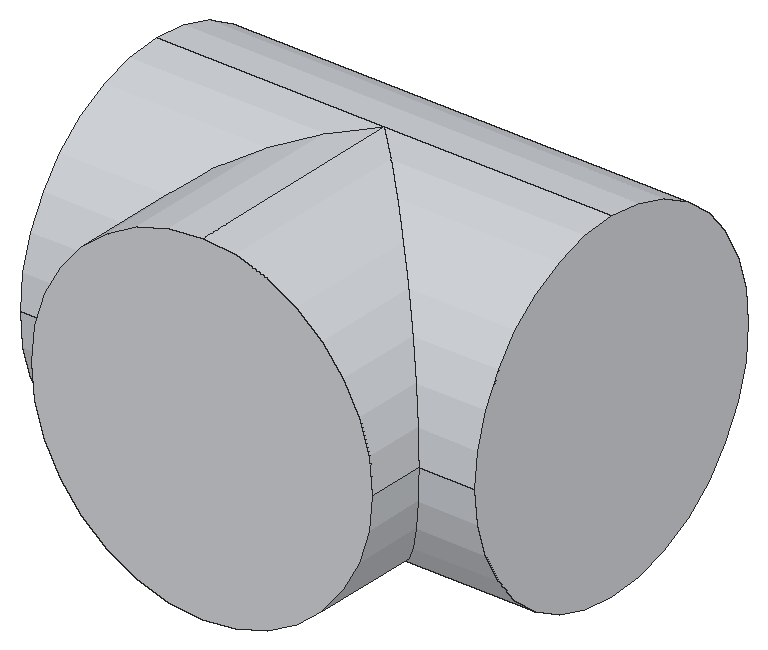
Revit family "81accec60b7841da96df8c5879bd33ad", category Duct Fittings, Revit 2021
Family settings
  Round Connector Dimension = Use Radius
  Part Type = Tee
  OmniClass Number = 23.75.70.14
  OmniClass Title = Air Ductwork
  Seek Item ID = Round Tee - Straight-0000-USA-ENU
  Work Plane-Based = No
  Always vertical = Yes
  Cut with Voids When Loaded = No
  Shared = No
Parameters (values of type "Standard")
  Duct Radius [instance] = 6"
  Duct Length [instance] = Duct Radius + Shoulder  # 8"
  Duct Diameter [instance] = 2 * Duct Radius  # 12"
  Shoulder [instance] = 2"
  Default Elevation = 0' - 0"
Reference planes (in)
  plane 1 "Center (Front/Back)": y = 0
  plane 2: z = 0
  plane 3 "Center (Left/Right)": x = 0
  plane 4: x = -8
  plane 5: x = 8
  plane 6: y = -8
Forms (in)
  Sweep 1, solid, detail levels medium+fine
    path in 3D
      loop
        line (-8, 0, 0) -> (8, 0, 0)
    profile "Duct - Round : Duct - Round" origin (0, 0, 0) x (0, 1, 0) y (0, 0, 1)
      loop
        arc (-6, 0) -> (-4.24264, -4.24264) -> (0, -6) r 6
        arc (0, -6) -> (4.24264, -4.24264) -> (6, 0) r 6
        arc (6, 0) -> (4.24264, 4.24264) -> (0, 6) r 6
        arc (0, 6) -> (-4.24264, 4.24264) -> (-6, 0) r 6
  Sweep 2, solid, detail levels medium+fine
    path in 3D
      loop
        line (0, -8, 0) -> (0, 0, 0)
    profile "Duct - Round : Duct - Round" origin (0, -4, 0) x (-1, 0, 0) y (0, 0, 1)
      loop
        arc (-6, 0) -> (-4.24264, -4.24264) -> (0, -6) r 6
        arc (0, -6) -> (4.24264, -4.24264) -> (6, 0) r 6
        arc (6, 0) -> (4.24264, 4.24264) -> (0, 6) r 6
        arc (0, 6) -> (-4.24264, 4.24264) -> (-6, 0) r 6
Cuts and joins
  joined: Sweep 1, Sweep 2
Lines and regions (in)
  reference lines
    curve 1: line (-8, 0, 0) -> (8, 0, 0)
    curve 2: line (0, -8, 0) -> (0, 0, 0)
  sketch lines
    curve 3: line (-8, 0, 0) -> (8, 0, 0)
    curve 4: line (0, -8, 0) -> (0, 0, 0)
  model lines, style "DuctFitting", detail levels coarse
    curve 5: line (-8, 0, 0) -> (8, 0, 0)
    curve 6: line (0, -8, 0) -> (0, 0, 0)
Dimensions and locks (in)
  "Duct Length": plane 6 to plane 1 "Center (Front/Back)"
  "Duct Length": plane 4 to plane 3 "Center (Left/Right)"
  "Duct Length": plane 3 "Center (Left/Right)" to plane 5
  aligned and locked: plane 4 to curve 1
  aligned and locked: plane 5 to curve 1
  aligned and locked: plane 1 "Center (Front/Back)" to curve 1
  aligned and locked: plane 1 "Center (Front/Back)" to curve 2
  aligned and locked: plane 6 to curve 2
  aligned and locked: curve 2 to plane 3 "Center (Left/Right)"
  aligned and locked: curve 6 to curve 2
  aligned and locked: plane 6 to curve 6
  aligned and locked: plane 1 "Center (Front/Back)" to curve 5
  aligned and locked: plane 4 to curve 5
  aligned and locked: plane 5 to curve 5
Connectors (in)
  hvac at (-8, 0, 0), driven by "Duct Radius"
    settings: on cut or joined group of Sweep 1, Sweep 2, index 1, duct flow 0 CFM, flow factor 0, pres drop 0.00 in-wg, loss coef 0, conn angle 0.00°, conn width 12", conn height 12", conn diameter 12", duct sys type 28, conn prof type 0, flow config 0, flow direction 0, loss method 0, conn ref index 2, conn util no, is conn primary yes, conn desc ""
  hvac at (8, 0, 0), driven by "Duct Radius"
    settings: on cut or joined group of Sweep 1, Sweep 2, index 2, duct flow 0 CFM, flow factor 0, pres drop 0.00 in-wg, loss coef 0, conn angle 0.00°, conn width 12", conn height 12", conn diameter 12", duct sys type 28, conn prof type 0, flow config 0, flow direction 0, loss method 0, conn ref index 1, conn util no, is conn primary no, conn desc ""
  hvac at (0, -8, 0), driven by "Duct Radius"
    settings: on cut or joined group of Sweep 1, Sweep 2, index 3, duct flow 0 CFM, flow factor 0, pres drop 0.00 in-wg, loss coef 0, conn angle 0.00°, conn width 12", conn height 12", conn diameter 12", duct sys type 28, conn prof type 0, flow config 0, flow direction 0, loss method 0, conn ref index -1, conn util no, is conn primary no, conn desc ""
